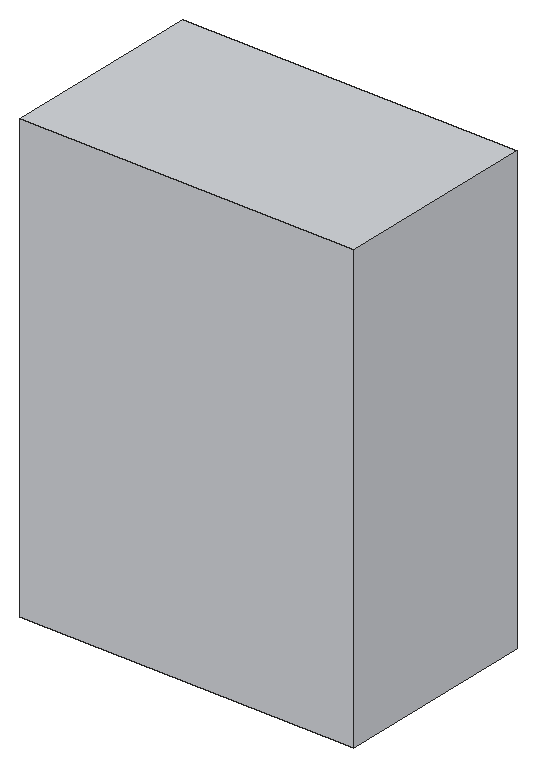
Revit family
Parameters
  hook [instance] = Unit Width / 0' 10"  # 4
  Warranty Duration (Years) = 0
  Unit Width [instance] = 3' - 4"
  Unit Height [instance] = 0' - 0"
  Unit Depth = 0' - 0"
  URL = "http://www.americanspecialties.com/viewCategories.cfm"
  Trim Material = Rubber
  Test Data = ""
  Specification = "http://www.arcat.com/sdspecs/htm/10810asi.htm"
  SpecWizard = ""
  Send Message = "http://www.arcat.com/users.pl?action=UserEmail&company=American%20Specialties,%20Inc.&coid=30448&rep=139&fax=914-476-0688&mf="
  Sales Information = "http://www.americanspecialties.com/contact"
  Revision = "R1_10-2010"
  Product Properties = "http://www.americanspecialties.com/datasheets/0796.pdf"
  Product Data = "http://www.arcat.com/arcatcos/cos30/arc30448.html"
  Model = "As Specified in 10 28 13"
  Manufacturer Website = "http://www.americanspecialties.com/viewCategories.cfm"
  Manufacturer Phone - Toll Free = ""
  Manufacturer Phone = "914-476-9000 "
  Manufacturer Fax = "914-476-0688"
  Manufacturer Address = "441 Saw Mill River Rd., Yonkers, NY 10701"
  Manufacturer = "American Specialties, Inc."
  Maintenance Schedule (Months) = 0
  Keynote = "10 28 13"
  Installation-Fabrication = "http://www.americanspecialties.com/products.cfm"
  Green Building-LEED = ""
  Expected Lifespan (Years) = 0
  Drawn By = "Robert S. Weygant. CSI, CDT, SCIP"  # constant formula
  Description = "Toilet Accessory as Specified in 10 28 13"
  Default Elevation = 4' - 0"
  Copyright = "©Arcat Inc."
  Construction Details = "http://www.arcat.com/green/clients/leed_data_30448.html"
  Building Codes = "http://www.americanspecialties.com/products.cfm"
  Body Material = Metal - Stainless Steel
  Assembly Code = "C1030210"
Reference planes (in)
  plane 1 "Center (Front/Back)": y = -0.29112
  plane 2 "Floor Line": z = 0
  plane 3 "Center (Left/Right)": x = -0.65843
Forms (in)
  Extrusion 1, solid
    sketch origin (-3, -9, -6) x (0, 0, -1) y (1, 0, 0)
      loop
        line (-82, 56.90407) -> (-82, -0.06991) -> (-6, -0.06991) -> (-6, 56.90407) -> (-82, 56.90407)
    from 9 to -25.60721
  Extrusion 2, solid, material "Metal - Stainless Steel" <- "Body Material"
    sketch origin (34.93009, -10.58223, 0) x (0, -1, 0) y (0, 0, 1)
      loop
        line (-8.79112, 0) -> (-8.79112, 0.5) -> (-11.79112, 0.5) -> (-11.79112, 0) -> (-11.66612, 0) -> (-11.66612, 0.375) -> (-8.91612, 0.375) -> (-8.91612, 0) -> (-8.79112, 0)
    from 35.58852 to -4.41148
  Extrusion 3, solid, material "Metal - Stainless Steel" <- "Body Material"
    sketch origin (-14.31405, -2.48146, -10.11605) x (1, 0, 0) y (0, 0, 1)
      loop
        line (15.15562, 10.61605) -> (18.15562, 10.61605) -> (18.15562, 11.46368) -> (18.03062, 11.46368) -> (18.03062, 10.74105) -> (15.28062, 10.74105) -> (15.28062, 12.51646) -> (15.15562, 12.51646) -> (15.15562, 10.61605)
    from -1.5 to -2.88069
  Extrusion 4, solid, material "Rubber" <- "Trim Material"
    sketch origin (1.375, 0, -3) x (1, 0, 0) y (0, 1, 0)
      loop
        arc (1.71876, -0.00164) -> (1.38167, 0.05154) -> (1.04802, -0.02014) r 0.93233
        arc (1.04802, -0.02014) -> (0.90772, -0.07915) -> (0.79313, -0.17932) r 0.47745
        arc (0.79313, -0.17932) -> (0.82811, -0.32067) -> (0.6876, -0.35889) r 0.10417
        arc (0.6876, -0.35889) -> (0.5665, -0.32788) -> (0.49553, -0.22496) r 0.1783
        line (0.49553, -0.22496) -> (0.30272, -0.22496) -> (0.30272, -0.4268)
        arc (0.30272, -0.4268) -> (1.23821, -1.05205) -> (2.33702, -0.8097) r 1.43411
        arc (2.33702, -0.8097) -> (2.14783, -0.3139) -> (1.71876, -0.00164) r 0.93233
    from 3.70633 to 5.00782
  Extrusion 5, solid, material "Rubber" <- "Trim Material"
    sketch origin (1.5, 0, -3) x (1, 0, 0) y (0, 1, 0)
      loop
        circle (1.63426, -0.62262) r 0.25
    from 5.00782 to 5.1404
  Extrusion 6, solid
    sketch origin (1.5, 0, -3) x (1, 0, 0) y (0, 1, 0)
      loop
        circle (0.52944, 0.16479) r 0.08601
      loop
        circle (1.83175, 0.16479) r 0.08601
    from 3.625 to 3.70633
  Extrusion 7, solid, material "Metal - Stainless Steel" <- "Body Material"
    sketch origin (-4.31405, -2.48146, -10.11605) x (1, 0, 0) y (0, 0, 1)
      loop
        line (15.15562, 10.61605) -> (18.15562, 10.61605) -> (18.15562, 11.46368) -> (18.03062, 11.46368) -> (18.03062, 10.74105) -> (15.28062, 10.74105) -> (15.28062, 12.51646) -> (15.15562, 12.51646) -> (15.15562, 10.61605)
    from -1.5 to -2.88069
  Extrusion 8, solid, material "Rubber" <- "Trim Material"
    sketch origin (11.375, 0, -3) x (1, 0, 0) y (0, 1, 0)
      loop
        arc (1.71876, -0.00164) -> (1.38167, 0.05154) -> (1.04802, -0.02014) r 0.93233
        arc (1.04802, -0.02014) -> (0.90772, -0.07915) -> (0.79313, -0.17932) r 0.47745
        arc (0.79313, -0.17932) -> (0.82811, -0.32067) -> (0.6876, -0.35889) r 0.10417
        arc (0.6876, -0.35889) -> (0.5665, -0.32788) -> (0.49553, -0.22496) r 0.1783
        line (0.49553, -0.22496) -> (0.30272, -0.22496) -> (0.30272, -0.4268)
        arc (0.30272, -0.4268) -> (1.23821, -1.05205) -> (2.33702, -0.8097) r 1.43411
        arc (2.33702, -0.8097) -> (2.14783, -0.3139) -> (1.71876, -0.00164) r 0.93233
    from 3.70633 to 5.00782
  Extrusion 9, solid, material "Rubber" <- "Trim Material"
    sketch origin (11.5, 0, -3) x (1, 0, 0) y (0, 1, 0)
      loop
        circle (1.63426, -0.62262) r 0.25
    from 5.00782 to 5.1404
  Extrusion 10, solid
    sketch origin (11.5, 0, -3) x (1, 0, 0) y (0, 1, 0)
      loop
        circle (0.52944, 0.16479) r 0.08601
      loop
        circle (1.83175, 0.16479) r 0.08601
    from 3.625 to 3.70633
  Extrusion 11, solid, material "Metal - Stainless Steel" <- "Body Material"
    sketch origin (5.68595, -2.48146, -10.11605) x (1, 0, 0) y (0, 0, 1)
      loop
        line (15.15562, 10.61605) -> (18.15562, 10.61605) -> (18.15562, 11.46368) -> (18.03062, 11.46368) -> (18.03062, 10.74105) -> (15.28062, 10.74105) -> (15.28062, 12.51646) -> (15.15562, 12.51646) -> (15.15562, 10.61605)
    from -1.5 to -2.88069
  Extrusion 12, solid, material "Rubber" <- "Trim Material"
    sketch origin (21.375, 0, -3) x (1, 0, 0) y (0, 1, 0)
      loop
        arc (1.71876, -0.00164) -> (1.38167, 0.05154) -> (1.04802, -0.02014) r 0.93233
        arc (1.04802, -0.02014) -> (0.90772, -0.07915) -> (0.79313, -0.17932) r 0.47745
        arc (0.79313, -0.17932) -> (0.82811, -0.32067) -> (0.6876, -0.35889) r 0.10417
        arc (0.6876, -0.35889) -> (0.5665, -0.32788) -> (0.49553, -0.22496) r 0.1783
        line (0.49553, -0.22496) -> (0.30272, -0.22496) -> (0.30272, -0.4268)
        arc (0.30272, -0.4268) -> (1.23821, -1.05205) -> (2.33702, -0.8097) r 1.43411
        arc (2.33702, -0.8097) -> (2.14783, -0.3139) -> (1.71876, -0.00164) r 0.93233
    from 3.70633 to 5.00782
  Extrusion 13, solid, material "Rubber" <- "Trim Material"
    sketch origin (21.5, 0, -3) x (1, 0, 0) y (0, 1, 0)
      loop
        circle (1.63426, -0.62262) r 0.25
    from 5.00782 to 5.1404
  Extrusion 14, solid
    sketch origin (21.5, 0, -3) x (1, 0, 0) y (0, 1, 0)
      loop
        circle (0.52944, 0.16479) r 0.08601
      loop
        circle (1.83175, 0.16479) r 0.08601
    from 3.625 to 3.70633
  Extrusion 15, void
    sketch origin (0, 0, 0) x (1, 0, 0) y (0, 1, 0)
      loop
        circle (0.09157, -0.29112) r 0.21875
      loop
        circle (38.59157, -0.29112) r 0.21875
    from 0.5 to 0.375
  Extrusion 16, solid, material "Metal - Stainless Steel" <- "Body Material"
    sketch origin (15.68595, -2.48146, -10.11605) x (1, 0, 0) y (0, 0, 1)
      loop
        line (15.15562, 10.61605) -> (18.15562, 10.61605) -> (18.15562, 11.46368) -> (18.03062, 11.46368) -> (18.03062, 10.74105) -> (15.28062, 10.74105) -> (15.28062, 12.51646) -> (15.15562, 12.51646) -> (15.15562, 10.61605)
    from -1.5 to -2.88069
  Extrusion 17, solid, material "Rubber" <- "Trim Material"
    sketch origin (31.375, 0, -3) x (1, 0, 0) y (0, 1, 0)
      loop
        arc (1.71876, -0.00164) -> (1.38167, 0.05154) -> (1.04802, -0.02014) r 0.93233
        arc (1.04802, -0.02014) -> (0.90772, -0.07915) -> (0.79313, -0.17932) r 0.47745
        arc (0.79313, -0.17932) -> (0.82811, -0.32067) -> (0.6876, -0.35889) r 0.10417
        arc (0.6876, -0.35889) -> (0.5665, -0.32788) -> (0.49553, -0.22496) r 0.1783
        line (0.49553, -0.22496) -> (0.30272, -0.22496) -> (0.30272, -0.4268)
        arc (0.30272, -0.4268) -> (1.23821, -1.05205) -> (2.33702, -0.8097) r 1.43411
        arc (2.33702, -0.8097) -> (2.14783, -0.3139) -> (1.71876, -0.00164) r 0.93233
    from 3.70633 to 5.00782
  Extrusion 18, solid, material "Rubber" <- "Trim Material"
    sketch origin (31.5, 0, -3) x (1, 0, 0) y (0, 1, 0)
      loop
        circle (1.63426, -0.62262) r 0.25
    from 5.00782 to 5.1404
  Extrusion 19, solid
    sketch origin (31.5, 0, -3) x (1, 0, 0) y (0, 1, 0)
      loop
        circle (0.52944, 0.16479) r 0.08601
      loop
        circle (1.83175, 0.16479) r 0.08601
    from 3.625 to 3.70633
Cuts and joins
  Extrusion 15 cuts Extrusion 2
Dimensions and locks (in)
  "Unit Width": Extrusion 2 to Extrusion 2
  locked: plane 3 "Center (Left/Right)" to Extrusion 15 sketch curve at 0.75
  locked: Extrusion 15 sketch curve to Extrusion 2 at 0.75
  aligned and locked: Extrusion 1 to level
  aligned and locked: Extrusion 4 to Extrusion 5
  aligned and locked: Extrusion 8 to Extrusion 9
  aligned and locked: Extrusion 12 to Extrusion 13
  aligned and locked: Extrusion 17 to Extrusion 18
Automatic sketch dimensions
  Extrusion 1 sketch curve to Extrusion 1 sketch curve = 6' - 4"
  Extrusion 1 sketch curve to Extrusion 1 sketch curve = 4' - 8.97398"
  Extrusion 3 sketch curve to Extrusion 3 sketch curve = 0' - 2 3/4"
  Extrusion 3 sketch curve to Extrusion 3 sketch curve = 0' - 0 1/8"  (x3)
  Extrusion 3 sketch curve to Extrusion 3 sketch curve = 0' - 0.72263"
  Extrusion 3 sketch curve to Extrusion 3 sketch curve = 0' - 1.77541"
  Extrusion 4 sketch curve to Extrusion 4 sketch curve = 0' - 0"  (x4)
  Extrusion 4 sketch curve to Extrusion 4 sketch curve = 0' - 0.19281"
  Extrusion 4 sketch curve to Extrusion 4 sketch curve = 0' - 0.17295"
  Extrusion 4 sketch curve to Extrusion 4 sketch curve = 0' - 0.01912"
  Extrusion 4 sketch curve to Extrusion 4 sketch curve = 0' - 0.0507"
  Extrusion 4 sketch curve to Extrusion 4 sketch curve = 0' - 0.05483"
  Extrusion 4 sketch curve to Extrusion 4 sketch curve = 0' - 0.25489"
  Extrusion 4 sketch curve to Extrusion 4 sketch curve = 0' - 0.24674"
  Extrusion 4 sketch curve to Extrusion 4 sketch curve = 0' - 0.45547"
  Extrusion 4 sketch curve to Extrusion 4 sketch curve = 0' - 0.21527"
  Extrusion 6 sketch curve to Extrusion 6 sketch curve = 0' - 1.30231"
  Extrusion 4 sketch curve to Extrusion 4 sketch curve = 0' - 0.42233"
  Extrusion 4 sketch curve to Extrusion 4 sketch curve = 0' - 0.92964"
  Extrusion 4 sketch curve to Extrusion 4 sketch curve = 0' - 0.07073"
  Extrusion 4 sketch curve to Extrusion 4 sketch curve = 0' - 0.39631"
  Extrusion 4 sketch curve to Extrusion 4 sketch curve = 0' - 0.24748"
  Extrusion 4 sketch curve to Extrusion 4 sketch curve = 0' - 0.17958"
  Extrusion 4 sketch curve to Extrusion 4 sketch curve = 0' - 0.20183"
  Extrusion 6 sketch curve to Extrusion 6 sketch curve = 0' - 0"
  Extrusion 7 sketch curve to Extrusion 7 sketch curve = 0' - 2 3/4"
  Extrusion 7 sketch curve to Extrusion 7 sketch curve = 0' - 0 1/8"  (x3)
  Extrusion 7 sketch curve to Extrusion 7 sketch curve = 0' - 0.72263"
  Extrusion 7 sketch curve to Extrusion 7 sketch curve = 0' - 1.77541"
  Extrusion 8 sketch curve to Extrusion 8 sketch curve = 0' - 0"  (x4)
  Extrusion 8 sketch curve to Extrusion 8 sketch curve = 0' - 0.19281"
  Extrusion 8 sketch curve to Extrusion 8 sketch curve = 0' - 0.17295"
  Extrusion 8 sketch curve to Extrusion 8 sketch curve = 0' - 0.01912"
  Extrusion 8 sketch curve to Extrusion 8 sketch curve = 0' - 0.0507"
  Extrusion 8 sketch curve to Extrusion 8 sketch curve = 0' - 0.05483"
  Extrusion 8 sketch curve to Extrusion 8 sketch curve = 0' - 0.25489"
  Extrusion 8 sketch curve to Extrusion 8 sketch curve = 0' - 0.24674"
  Extrusion 8 sketch curve to Extrusion 8 sketch curve = 0' - 0.45547"
  Extrusion 8 sketch curve to Extrusion 8 sketch curve = 0' - 0.21527"
  Extrusion 10 sketch curve to Extrusion 10 sketch curve = 0' - 1.30231"
  Extrusion 8 sketch curve to Extrusion 8 sketch curve = 0' - 0.42233"
  Extrusion 8 sketch curve to Extrusion 8 sketch curve = 0' - 0.92964"
  Extrusion 8 sketch curve to Extrusion 8 sketch curve = 0' - 0.07073"
  Extrusion 8 sketch curve to Extrusion 8 sketch curve = 0' - 0.39631"
  Extrusion 8 sketch curve to Extrusion 8 sketch curve = 0' - 0.24748"
  Extrusion 8 sketch curve to Extrusion 8 sketch curve = 0' - 0.17958"
  Extrusion 8 sketch curve to Extrusion 8 sketch curve = 0' - 0.20183"
  Extrusion 10 sketch curve to Extrusion 10 sketch curve = 0' - 0"
  Extrusion 11 sketch curve to Extrusion 11 sketch curve = 0' - 2 3/4"
  Extrusion 11 sketch curve to Extrusion 11 sketch curve = 0' - 0 1/8"  (x3)
  Extrusion 11 sketch curve to Extrusion 11 sketch curve = 0' - 0.72263"
  Extrusion 11 sketch curve to Extrusion 11 sketch curve = 0' - 1.77541"
  Extrusion 12 sketch curve to Extrusion 12 sketch curve = 0' - 0"  (x4)
  Extrusion 12 sketch curve to Extrusion 12 sketch curve = 0' - 0.19281"
  Extrusion 12 sketch curve to Extrusion 12 sketch curve = 0' - 0.17295"
  Extrusion 12 sketch curve to Extrusion 12 sketch curve = 0' - 0.01912"
  Extrusion 12 sketch curve to Extrusion 12 sketch curve = 0' - 0.0507"
  Extrusion 12 sketch curve to Extrusion 12 sketch curve = 0' - 0.05483"
  Extrusion 12 sketch curve to Extrusion 12 sketch curve = 0' - 0.25489"
  Extrusion 12 sketch curve to Extrusion 12 sketch curve = 0' - 0.24674"
  Extrusion 12 sketch curve to Extrusion 12 sketch curve = 0' - 0.45547"
  Extrusion 12 sketch curve to Extrusion 12 sketch curve = 0' - 0.21527"
  Extrusion 14 sketch curve to Extrusion 14 sketch curve = 0' - 1.30231"
  Extrusion 12 sketch curve to Extrusion 12 sketch curve = 0' - 0.42233"
  Extrusion 12 sketch curve to Extrusion 12 sketch curve = 0' - 0.92964"
  Extrusion 12 sketch curve to Extrusion 12 sketch curve = 0' - 0.07073"
  Extrusion 12 sketch curve to Extrusion 12 sketch curve = 0' - 0.39631"
  Extrusion 12 sketch curve to Extrusion 12 sketch curve = 0' - 0.24748"
  Extrusion 12 sketch curve to Extrusion 12 sketch curve = 0' - 0.17958"
  Extrusion 12 sketch curve to Extrusion 12 sketch curve = 0' - 0.20183"
  Extrusion 14 sketch curve to Extrusion 14 sketch curve = 0' - 0"
  Extrusion 15 sketch curve to plane 1 "Center (Front/Back)" = 0' - 0"  (x2)
  Extrusion 2 sketch curve to level = 0' - 0"
  Extrusion 2 sketch curve to plane 1 "Center (Front/Back)" = 0' - 1 1/2"
  Extrusion 2 sketch curve to Extrusion 2 sketch curve = 0' - 0 1/8"  (x3)
  plane 1 "Center (Front/Back)" to Extrusion 2 sketch curve = 0' - 1 3/8"
  level to Extrusion 2 sketch curve = 0' - 0"
  level to Extrusion 2 sketch curve = 0' - 0 3/8"
  Extrusion 16 sketch curve to Extrusion 16 sketch curve = 0' - 2 3/4"
  Extrusion 16 sketch curve to Extrusion 16 sketch curve = 0' - 0 1/8"  (x3)
  Extrusion 16 sketch curve to Extrusion 16 sketch curve = 0' - 0.72263"
  Extrusion 16 sketch curve to Extrusion 16 sketch curve = 0' - 1.77541"
  Extrusion 17 sketch curve to Extrusion 17 sketch curve = 0' - 0"  (x4)
  Extrusion 17 sketch curve to Extrusion 17 sketch curve = 0' - 0.19281"
  Extrusion 17 sketch curve to Extrusion 17 sketch curve = 0' - 0.17295"
  Extrusion 17 sketch curve to Extrusion 17 sketch curve = 0' - 0.01912"
  Extrusion 17 sketch curve to Extrusion 17 sketch curve = 0' - 0.0507"
  Extrusion 17 sketch curve to Extrusion 17 sketch curve = 0' - 0.05483"
  Extrusion 17 sketch curve to Extrusion 17 sketch curve = 0' - 0.25489"
  Extrusion 17 sketch curve to Extrusion 17 sketch curve = 0' - 0.24674"
  Extrusion 17 sketch curve to Extrusion 17 sketch curve = 0' - 0.45547"
  Extrusion 17 sketch curve to Extrusion 17 sketch curve = 0' - 0.21527"
  Extrusion 19 sketch curve to Extrusion 19 sketch curve = 0' - 1.30231"
  Extrusion 17 sketch curve to Extrusion 17 sketch curve = 0' - 0.42233"
  Extrusion 17 sketch curve to Extrusion 17 sketch curve = 0' - 0.92964"
  Extrusion 17 sketch curve to Extrusion 17 sketch curve = 0' - 0.07073"
  Extrusion 17 sketch curve to Extrusion 17 sketch curve = 0' - 0.39631"
  Extrusion 17 sketch curve to Extrusion 17 sketch curve = 0' - 0.24748"
  Extrusion 17 sketch curve to Extrusion 17 sketch curve = 0' - 0.17958"
  Extrusion 17 sketch curve to Extrusion 17 sketch curve = 0' - 0.20183"
  Extrusion 19 sketch curve to Extrusion 19 sketch curve = 0' - 0"
  level to Extrusion 3 sketch curve = 0' - 0 1/2"
  plane 3 "Center (Left/Right)" to Extrusion 3 sketch curve = 0' - 1 1/2"
  plane 1 "Center (Front/Back)" to Extrusion 4 sketch curve = 0' - 0.13568"
  plane 3 "Center (Left/Right)" to Extrusion 4 sketch curve = 0' - 2.33615"
  plane 1 "Center (Front/Back)" to Extrusion 5 sketch curve = 0' - 0.3315"
  plane 3 "Center (Left/Right)" to Extrusion 5 sketch curve = 0' - 3.79269"
  Extrusion 6 sketch curve to plane 1 "Center (Front/Back)" = 0' - 0.45591"
  plane 3 "Center (Left/Right)" to Extrusion 6 sketch curve = 0' - 2.68787"
  level to Extrusion 7 sketch curve = 0' - 0 1/2"
  plane 3 "Center (Left/Right)" to Extrusion 7 sketch curve = 0' - 11 1/2"
  plane 1 "Center (Front/Back)" to Extrusion 8 sketch curve = 0' - 0.13568"
  plane 3 "Center (Left/Right)" to Extrusion 8 sketch curve = 1' - 0.33615"
  plane 1 "Center (Front/Back)" to Extrusion 9 sketch curve = 0' - 0.3315"
  plane 3 "Center (Left/Right)" to Extrusion 9 sketch curve = 1' - 1.79269"
  Extrusion 10 sketch curve to plane 1 "Center (Front/Back)" = 0' - 0.45591"
  plane 3 "Center (Left/Right)" to Extrusion 10 sketch curve = 1' - 0.68787"
  level to Extrusion 11 sketch curve = 0' - 0 1/2"
  plane 3 "Center (Left/Right)" to Extrusion 11 sketch curve = 1' - 9 1/2"
  plane 1 "Center (Front/Back)" to Extrusion 12 sketch curve = 0' - 0.13568"
  plane 3 "Center (Left/Right)" to Extrusion 12 sketch curve = 1' - 10.33615"
  plane 1 "Center (Front/Back)" to Extrusion 13 sketch curve = 0' - 0.3315"
  plane 3 "Center (Left/Right)" to Extrusion 13 sketch curve = 1' - 11.79269"
  Extrusion 14 sketch curve to plane 1 "Center (Front/Back)" = 0' - 0.45591"
  plane 3 "Center (Left/Right)" to Extrusion 14 sketch curve = 1' - 10.68787"
  level to Extrusion 16 sketch curve = 0' - 0 1/2"
  plane 3 "Center (Left/Right)" to Extrusion 16 sketch curve = 2' - 7 1/2"
  plane 1 "Center (Front/Back)" to Extrusion 17 sketch curve = 0' - 0.13568"
  plane 3 "Center (Left/Right)" to Extrusion 17 sketch curve = 2' - 8.33615"
  plane 1 "Center (Front/Back)" to Extrusion 18 sketch curve = 0' - 0.3315"
  plane 3 "Center (Left/Right)" to Extrusion 18 sketch curve = 2' - 9.79269"
  Extrusion 19 sketch curve to plane 1 "Center (Front/Back)" = 0' - 0.45591"
  plane 3 "Center (Left/Right)" to Extrusion 19 sketch curve = 2' - 8.68787"
  radius of Extrusion 5 sketch curve = 0' - 0 1/4"
  radius of Extrusion 6 sketch curve = 0' - 0.08601"  (x2)
  radius of Extrusion 9 sketch curve = 0' - 0 1/4"
  radius of Extrusion 10 sketch curve = 0' - 0.08601"  (x2)
  radius of Extrusion 13 sketch curve = 0' - 0 1/4"
  radius of Extrusion 14 sketch curve = 0' - 0.08601"  (x2)
  radius of Extrusion 15 sketch curve = 0' - 0 7/32"  (x2)
  radius of Extrusion 18 sketch curve = 0' - 0 1/4"
  radius of Extrusion 19 sketch curve = 0' - 0.08601"  (x2)
